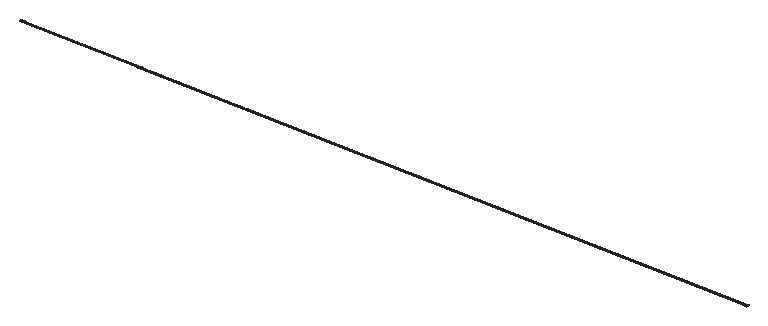
Revit family "0068173", category Lighting Fixtures, host Face, Revit 2017
Family settings
  Host = Face
  Round Connector Dimension = Use Diameter
  Part Type = Normal
  OmniClass Number = 23.80.70.00
  OmniClass Title = Lighting
  Cut with Voids When Loaded = No
  Light Source = Yes
  Shared = No
  Room Calculation Point = No
Parameters (values of type "0068173 FLEX PRO IP65 2300LM 940")
  Weight = "4.0 kg"
  Wattage Comments = ""
  Wattage = 24 W
  WarrantyStartDate [instance] = "n/a"
  WarrantyGuarantorParts = "n/a"
  WarrantyDurationUnit = "n/a"
  WarrantyDurationParts = "n/a"
  WarrantyDescription = "n/a"
  built-in parameter 1150110 = 1 (stored number, unit not read)
  Voltage = 0 V
  URL = "http://www.sylvania-lighting.com"
  TypeName = "Flex Pro IP65 2300lm 940"
  Type Image = <None>
  Type Comments = "n/a"
  built-in parameter 1114217 = 1 (stored number, unit not read)
  Tilt Angle = -90.00°
  built-in parameter 1150109 = 1 (stored number, unit not read)
  built-in parameter 1150134 = 12
  built-in parameter 1150113 = 1 (stored number, unit not read)
  SerialNumber [instance] = "n/a"
  Photometric Web File = "0068173.ies"
  PHOTOMETRY3_SYL = 0 mm
  PHOTOMETRY2_SYL = LUM_WIDTH_SYL  # 4 mm
  PHOTOMETRY1_SYL = LUM_LENGHT_SYL / 2  # 2505 mm
  Material_3_SYL = Default New Material(1)
  PowerFactor = 0
  PowerConsumption = "24 W"
  NominalLength = 5000 mm
  NominalHeight = 4 mm
  NominalDepth = 10 mm
  Name = "Flex Pro IP65 2300lm 940"
  ModelReference = Name  # "Flex Pro IP65 2300lm 940"
  ModelNumber = "0068173"
  Model = Name  # "Flex Pro IP65 2300lm 940"
  Material = "other housing"
  ManufacturerName = "Feilo Sylvania"
  Manufacturer = "Feilo Sylvania"
  LuminousEfficacy = "96 lm/W"
  built-in parameter 1150105 = 183.35 (stored number, unit not read)
  Lumens = 2304 lm
  LuminaireType = ""
  built-in parameter 1150115 = 1 (stored number, unit not read)
  LightOutputRatio = "n/a"
  built-in parameter 1150137 = (empty or 0)
  built-in parameter 1150139 = (empty or 0)
  LampsType = Lamp  # "LED"
  LampNominalLuminous = "2300 lm"
  LampMacAdamStep = "n/a"
  LampColourTemperature = "4000 K"
  LampColourRenderingIndex = "90"
  built-in parameter 1150112 = 1 (stored number, unit not read)
  built-in parameter 1150114 = 1 (stored number, unit not read)
  Lamp = "LED"
  LUM__CAP_SYL = 5 mm
  LUM_WIDTH_SYL = 4 mm
  LUM_PROT_SYL = 5 mm
  LUM_LENGHT_SYL!!!! = "(LUM_LENGHT_SYL-10), MUST BE DIVISIBLE WITH 100"
  LUM_LENGHT_SYL = 5010 mm  # constant formula
  LUM_CAD_W_SYL = 6 mm
  LED_DIST_SYL = 16.6 mm
  LED_DIST1_SYL = 10.6 mm
  LED_CH_S_WIDTH_SYL = 1.5 mm
  LED_CH_S_DEPTH_SYL = 1 mm
  LED_CH_L_WIDTH_SYL = 1.7 mm
  LED_CH_L_DEPTH_SYL = 1.4 mm
  LED_2_DIST_SYL = 33.2 mm
  Keynote = "16500"
  InstallationDate [instance] = "n/a"
  InputVoltage = "n/a"
  InputNominalFrequency = "n/a"
  built-in parameter 1150132 = (empty or 0)
  built-in parameter 1150102 = (empty or 0)
  built-in parameter 1150107 = 4000 (stored number, unit not read)
  built-in parameter 1150138 = (empty or 0)
  IngressProtection = "IP65"
  ImpactProtectionIndex = "IK00"
  built-in parameter 1150106 = 1.8335 (stored number, unit not read)
  IfcExportType = "IfcLightFixtureType"
  IfcExportAs = "IfcLightFixtureType"
  Emit from Circle Diameter = 609.6 mm
  Emit Shape Visible in Rendering = no
  ElectricShockClassification = "Class III"
  built-in parameter 1150104 = 8.9187 (stored number, unit not read)
  DocumentationLiterature = "http://www.sylvania-lighting.com/product/en-int/products/0068173"
  DimmingControlOptions = "n/a"
  Material_2_SYL = Default
  Dimming Lamp Color Temperature Shift = <None>
  Description = ""
  Default Elevation = 1219.2 mm
  CreatedOn = "10/16/2020"
  CreatedBy = "@sylvania-lighting.com"
  Cost = 0
  Color Filter = 16777215
  built-in parameter 1114216 [instance] = (empty or 0)
  ClassificationValue = "EF_70_80"
  ClassificationName = "Uniclass2015"
  Material_1_SYL = Default New Material
  CABLE_LENGHT_SYL = 995 mm
  CABLE_FIX_SYL = 1 mm
  CABLE_END_SYL = 15 mm
  CABLE_DIST_SYL = 1.5 mm
  CABLE_DIST2_SYL = 1.5 mm
  CABLE_BLEND_SYL = 10 mm
  BarCode [instance] = "n/a"
  built-in parameter 1114218 = 1 (stored number, unit not read)
  built-in parameter 1150133 = 10 (stored number, unit not read)
  AssetType = "Fixed"
  AssetIdentifier [instance] = "n/a"
  Assembly Code = "D5020200"
  Apparent Load = 24 VA
  Material_4_SYL = none
Reference planes
  plane 1 "Center (Front/Back)": y = 0
  plane 2: z = 0
  plane 3 "Center (Left/Right)": x = 0
  plane 4: x = 5010
  plane 5: y = 4
  plane 6: y = -4
  plane 7: x = -995
  plane 8: x = -10
  plane 9: x = -980
  plane 10: y = 1.5
  plane 11: y = -1.5
  plane 12: y = 2.5
  plane 13: y = -2.5
  plane 14: x = 10.6
  plane 15: x = 27.2
  plane 16: x = 43.8
  plane 17: x = 60.4
  plane 18: x = 77
  plane 19: x = 93.6
  plane 20: y = 1.7
  plane 21: y = -1.7
  plane 22: x = 12
  plane 23: x = 9.2
  plane 24: x = 28.6
  plane 25: x = 25.8
  plane 26: x = 45.2
  plane 27: x = 42.4
  plane 28: x = 59
  plane 29: x = 61.8
  plane 30: x = 75.6
  plane 31: x = 78.4
  plane 32: x = 95
  plane 33: x = 92.2
  plane 34: x = 18.9
  plane 35: x = 35.5
  plane 36: x = 68.7
  plane 37: x = 85.3
  plane 38: x = 19.9
  plane 39: x = 17.9
  plane 40: x = 34.5
  plane 41: x = 36.5
  plane 42: x = 69.7
  plane 43: x = 67.7
  plane 44: x = 84.3
  plane 45: x = 86.3
  plane 46: y = 1.5
  plane 47: y = -1.5
  plane 48: x = -5
  plane 49: x = 5015
  plane 50: x = 5
  plane 51: x = 5005
  plane 52: y = 6
  plane 53: y = -6
  plane 54: y = 5
  plane 55: y = -5
Forms (mm)
  Extrusion 1, solid, material "Default New Material" <- "Material_1_SYL"
    sketch origin (0, 0, 0) x (1, 0, 0) y (0, 1, 0)
      loop
        line (0, 4) -> (0, -4) -> (5010, -4) -> (5010, 4) -> (0, 4)
    from -0.9 to -1.2
  Sweep 2, solid, material "Default" <- "Material_2_SYL"
    path origin (0, 0, 0) x (1, 0, 0) y (0, 1, 0)
      loop
        line (-5, 1.5) -> (-980, 1.5)
    profile origin (-492.5, 1.5, 0) x (0, -1, 0) y (0, 0, 1)
      loop
        circle (0, 0) r 1.399
  Sweep 3, solid, material "Default" <- "Material_2_SYL"
    path origin (0, 0, 0) x (1, 0, 0) y (0, 1, 0)
      loop
        line (-5, -1.5) -> (-980, -1.5)
    profile origin (-492.5, -1.5, 0) x (0, -1, 0) y (0, 0, 1)
      loop
        circle (0, 0) r 1.353
  Revolve 4, solid
    sketch origin (0, 0, 0) x (1, 0, 0) y (0, 1, 0)
      loop
        line (-980, 1.5) -> (-980, 2.5) -> (-995, 2.5) -> (-995, 1.5) -> (-980, 1.5)
      axis (-980, 1.5) -> (-995, 1.5)
    angle from 360 to 0
  Revolve 5, solid
    sketch origin (0, 0, 0) x (1, 0, 0) y (0, 1, 0)
      loop
        line (-980, -1.5) -> (-995, -1.5) -> (-995, -2.5) -> (-980, -2.5) -> (-980, -1.5)
      axis (-980, -1.5) -> (-995, -1.5)
    angle from 360 to 0
  Extrusion 6, solid
    sketch origin (0, 0, 0) x (1, 0, 0) y (0, 1, 0)
      loop
        line (9.2, 1.7) -> (9.2, -1.7) -> (12, -1.7) -> (12, 1.7) -> (9.2, 1.7)
      loop
        line (25.8, 1.7) -> (25.8, -1.7) -> (28.6, -1.7) -> (28.6, 1.7) -> (25.8, 1.7)
      loop
        line (42.4, 1.7) -> (42.4, -1.7) -> (45.2, -1.7) -> (45.2, 1.7) -> (42.4, 1.7)
      loop
        line (59, 1.7) -> (59, -1.7) -> (61.8, -1.7) -> (61.8, 1.7) -> (59, 1.7)
      loop
        line (75.6, -1.7) -> (78.4, -1.7) -> (78.4, 1.7) -> (75.6, 1.7) -> (75.6, -1.7)
      loop
        line (92.2, 1.7) -> (92.2, -1.7) -> (95, -1.7) -> (95, 1.7) -> (92.2, 1.7)
    from 0 to -1.2
  Extrusion 7, solid
    sketch origin (4898, 0, 0) x (1, 0, 0) y (0, 1, 0)
      loop
        line (9.2, 1.7) -> (9.2, -1.7) -> (12, -1.7) -> (12, 1.7) -> (9.2, 1.7)
      loop
        line (25.8, 1.7) -> (25.8, -1.7) -> (28.6, -1.7) -> (28.6, 1.7) -> (25.8, 1.7)
      loop
        line (42.4, 1.7) -> (42.4, -1.7) -> (45.2, -1.7) -> (45.2, 1.7) -> (42.4, 1.7)
      loop
        line (59, 1.7) -> (59, -1.7) -> (61.8, -1.7) -> (61.8, 1.7) -> (59, 1.7)
      loop
        line (75.6, -1.7) -> (78.4, -1.7) -> (78.4, 1.7) -> (75.6, 1.7) -> (75.6, -1.7)
      loop
        line (92.2, 1.7) -> (92.2, -1.7) -> (95, -1.7) -> (95, 1.7) -> (92.2, 1.7)
    from 0 to -1.2
  Extrusion 8, solid
    sketch origin (99.959, 0, 0) x (1, 0, 0) y (0, 1, 0)
      loop
        line (9.2, 1.7) -> (9.2, -1.7) -> (12, -1.7) -> (12, 1.7) -> (9.2, 1.7)
      loop
        line (25.8, 1.7) -> (25.8, -1.7) -> (28.6, -1.7) -> (28.6, 1.7) -> (25.8, 1.7)
      loop
        line (42.4, 1.7) -> (42.4, -1.7) -> (45.2, -1.7) -> (45.2, 1.7) -> (42.4, 1.7)
      loop
        line (59, 1.7) -> (59, -1.7) -> (61.8, -1.7) -> (61.8, 1.7) -> (59, 1.7)
      loop
        line (75.6, -1.7) -> (78.4, -1.7) -> (78.4, 1.7) -> (75.6, 1.7) -> (75.6, -1.7)
      loop
        line (92.2, 1.7) -> (92.2, -1.7) -> (95, -1.7) -> (95, 1.7) -> (92.2, 1.7)
    from 0 to -1.2
  Extrusion 9, solid
    sketch origin (199.918, 0, 0) x (1, 0, 0) y (0, 1, 0)
      loop
        line (9.2, 1.7) -> (9.2, -1.7) -> (12, -1.7) -> (12, 1.7) -> (9.2, 1.7)
      loop
        line (25.8, 1.7) -> (25.8, -1.7) -> (28.6, -1.7) -> (28.6, 1.7) -> (25.8, 1.7)
      loop
        line (42.4, 1.7) -> (42.4, -1.7) -> (45.2, -1.7) -> (45.2, 1.7) -> (42.4, 1.7)
      loop
        line (59, 1.7) -> (59, -1.7) -> (61.8, -1.7) -> (61.8, 1.7) -> (59, 1.7)
      loop
        line (75.6, -1.7) -> (78.4, -1.7) -> (78.4, 1.7) -> (75.6, 1.7) -> (75.6, -1.7)
      loop
        line (92.2, 1.7) -> (92.2, -1.7) -> (95, -1.7) -> (95, 1.7) -> (92.2, 1.7)
    from 0 to -1.2
  Extrusion 10, solid
    sketch origin (299.878, 0, 0) x (1, 0, 0) y (0, 1, 0)
      loop
        line (9.2, 1.7) -> (9.2, -1.7) -> (12, -1.7) -> (12, 1.7) -> (9.2, 1.7)
      loop
        line (25.8, 1.7) -> (25.8, -1.7) -> (28.6, -1.7) -> (28.6, 1.7) -> (25.8, 1.7)
      loop
        line (42.4, 1.7) -> (42.4, -1.7) -> (45.2, -1.7) -> (45.2, 1.7) -> (42.4, 1.7)
      loop
        line (59, 1.7) -> (59, -1.7) -> (61.8, -1.7) -> (61.8, 1.7) -> (59, 1.7)
      loop
        line (75.6, -1.7) -> (78.4, -1.7) -> (78.4, 1.7) -> (75.6, 1.7) -> (75.6, -1.7)
      loop
        line (92.2, 1.7) -> (92.2, -1.7) -> (95, -1.7) -> (95, 1.7) -> (92.2, 1.7)
    from 0 to -1.2
  Extrusion 11, solid
    sketch origin (399.837, 0, 0) x (1, 0, 0) y (0, 1, 0)
      loop
        line (9.2, 1.7) -> (9.2, -1.7) -> (12, -1.7) -> (12, 1.7) -> (9.2, 1.7)
      loop
        line (25.8, 1.7) -> (25.8, -1.7) -> (28.6, -1.7) -> (28.6, 1.7) -> (25.8, 1.7)
      loop
        line (42.4, 1.7) -> (42.4, -1.7) -> (45.2, -1.7) -> (45.2, 1.7) -> (42.4, 1.7)
      loop
        line (59, 1.7) -> (59, -1.7) -> (61.8, -1.7) -> (61.8, 1.7) -> (59, 1.7)
      loop
        line (75.6, -1.7) -> (78.4, -1.7) -> (78.4, 1.7) -> (75.6, 1.7) -> (75.6, -1.7)
      loop
        line (92.2, 1.7) -> (92.2, -1.7) -> (95, -1.7) -> (95, 1.7) -> (92.2, 1.7)
    from 0 to -1.2
  Extrusion 12, solid
    sketch origin (499.796, 0, 0) x (1, 0, 0) y (0, 1, 0)
      loop
        line (9.2, 1.7) -> (9.2, -1.7) -> (12, -1.7) -> (12, 1.7) -> (9.2, 1.7)
      loop
        line (25.8, 1.7) -> (25.8, -1.7) -> (28.6, -1.7) -> (28.6, 1.7) -> (25.8, 1.7)
      loop
        line (42.4, 1.7) -> (42.4, -1.7) -> (45.2, -1.7) -> (45.2, 1.7) -> (42.4, 1.7)
      loop
        line (59, 1.7) -> (59, -1.7) -> (61.8, -1.7) -> (61.8, 1.7) -> (59, 1.7)
      loop
        line (75.6, -1.7) -> (78.4, -1.7) -> (78.4, 1.7) -> (75.6, 1.7) -> (75.6, -1.7)
      loop
        line (92.2, 1.7) -> (92.2, -1.7) -> (95, -1.7) -> (95, 1.7) -> (92.2, 1.7)
    from 0 to -1.2
  Extrusion 13, solid
    sketch origin (599.755, 0, 0) x (1, 0, 0) y (0, 1, 0)
      loop
        line (9.2, 1.7) -> (9.2, -1.7) -> (12, -1.7) -> (12, 1.7) -> (9.2, 1.7)
      loop
        line (25.8, 1.7) -> (25.8, -1.7) -> (28.6, -1.7) -> (28.6, 1.7) -> (25.8, 1.7)
      loop
        line (42.4, 1.7) -> (42.4, -1.7) -> (45.2, -1.7) -> (45.2, 1.7) -> (42.4, 1.7)
      loop
        line (59, 1.7) -> (59, -1.7) -> (61.8, -1.7) -> (61.8, 1.7) -> (59, 1.7)
      loop
        line (75.6, -1.7) -> (78.4, -1.7) -> (78.4, 1.7) -> (75.6, 1.7) -> (75.6, -1.7)
      loop
        line (92.2, 1.7) -> (92.2, -1.7) -> (95, -1.7) -> (95, 1.7) -> (92.2, 1.7)
    from 0 to -1.2
  Extrusion 14, solid
    sketch origin (699.714, 0, 0) x (1, 0, 0) y (0, 1, 0)
      loop
        line (9.2, 1.7) -> (9.2, -1.7) -> (12, -1.7) -> (12, 1.7) -> (9.2, 1.7)
      loop
        line (25.8, 1.7) -> (25.8, -1.7) -> (28.6, -1.7) -> (28.6, 1.7) -> (25.8, 1.7)
      loop
        line (42.4, 1.7) -> (42.4, -1.7) -> (45.2, -1.7) -> (45.2, 1.7) -> (42.4, 1.7)
      loop
        line (59, 1.7) -> (59, -1.7) -> (61.8, -1.7) -> (61.8, 1.7) -> (59, 1.7)
      loop
        line (75.6, -1.7) -> (78.4, -1.7) -> (78.4, 1.7) -> (75.6, 1.7) -> (75.6, -1.7)
      loop
        line (92.2, 1.7) -> (92.2, -1.7) -> (95, -1.7) -> (95, 1.7) -> (92.2, 1.7)
    from 0 to -1.2
  Extrusion 15, solid
    sketch origin (799.673, 0, 0) x (1, 0, 0) y (0, 1, 0)
      loop
        line (9.2, 1.7) -> (9.2, -1.7) -> (12, -1.7) -> (12, 1.7) -> (9.2, 1.7)
      loop
        line (25.8, 1.7) -> (25.8, -1.7) -> (28.6, -1.7) -> (28.6, 1.7) -> (25.8, 1.7)
      loop
        line (42.4, 1.7) -> (42.4, -1.7) -> (45.2, -1.7) -> (45.2, 1.7) -> (42.4, 1.7)
      loop
        line (59, 1.7) -> (59, -1.7) -> (61.8, -1.7) -> (61.8, 1.7) -> (59, 1.7)
      loop
        line (75.6, -1.7) -> (78.4, -1.7) -> (78.4, 1.7) -> (75.6, 1.7) -> (75.6, -1.7)
      loop
        line (92.2, 1.7) -> (92.2, -1.7) -> (95, -1.7) -> (95, 1.7) -> (92.2, 1.7)
    from 0 to -1.2
  Extrusion 16, solid
    sketch origin (899.633, 0, 0) x (1, 0, 0) y (0, 1, 0)
      loop
        line (9.2, 1.7) -> (9.2, -1.7) -> (12, -1.7) -> (12, 1.7) -> (9.2, 1.7)
      loop
        line (25.8, 1.7) -> (25.8, -1.7) -> (28.6, -1.7) -> (28.6, 1.7) -> (25.8, 1.7)
      loop
        line (42.4, 1.7) -> (42.4, -1.7) -> (45.2, -1.7) -> (45.2, 1.7) -> (42.4, 1.7)
      loop
        line (59, 1.7) -> (59, -1.7) -> (61.8, -1.7) -> (61.8, 1.7) -> (59, 1.7)
      loop
        line (75.6, -1.7) -> (78.4, -1.7) -> (78.4, 1.7) -> (75.6, 1.7) -> (75.6, -1.7)
      loop
        line (92.2, 1.7) -> (92.2, -1.7) -> (95, -1.7) -> (95, 1.7) -> (92.2, 1.7)
    from 0 to -1.2
  Extrusion 17, solid
    sketch origin (999.592, 0, 0) x (1, 0, 0) y (0, 1, 0)
      loop
        line (9.2, 1.7) -> (9.2, -1.7) -> (12, -1.7) -> (12, 1.7) -> (9.2, 1.7)
      loop
        line (25.8, 1.7) -> (25.8, -1.7) -> (28.6, -1.7) -> (28.6, 1.7) -> (25.8, 1.7)
      loop
        line (42.4, 1.7) -> (42.4, -1.7) -> (45.2, -1.7) -> (45.2, 1.7) -> (42.4, 1.7)
      loop
        line (59, 1.7) -> (59, -1.7) -> (61.8, -1.7) -> (61.8, 1.7) -> (59, 1.7)
      loop
        line (75.6, -1.7) -> (78.4, -1.7) -> (78.4, 1.7) -> (75.6, 1.7) -> (75.6, -1.7)
      loop
        line (92.2, 1.7) -> (92.2, -1.7) -> (95, -1.7) -> (95, 1.7) -> (92.2, 1.7)
    from 0 to -1.2
  Extrusion 18, solid
    sketch origin (1099.551, 0, 0) x (1, 0, 0) y (0, 1, 0)
      loop
        line (9.2, 1.7) -> (9.2, -1.7) -> (12, -1.7) -> (12, 1.7) -> (9.2, 1.7)
      loop
        line (25.8, 1.7) -> (25.8, -1.7) -> (28.6, -1.7) -> (28.6, 1.7) -> (25.8, 1.7)
      loop
        line (42.4, 1.7) -> (42.4, -1.7) -> (45.2, -1.7) -> (45.2, 1.7) -> (42.4, 1.7)
      loop
        line (59, 1.7) -> (59, -1.7) -> (61.8, -1.7) -> (61.8, 1.7) -> (59, 1.7)
      loop
        line (75.6, -1.7) -> (78.4, -1.7) -> (78.4, 1.7) -> (75.6, 1.7) -> (75.6, -1.7)
      loop
        line (92.2, 1.7) -> (92.2, -1.7) -> (95, -1.7) -> (95, 1.7) -> (92.2, 1.7)
    from 0 to -1.2
  Extrusion 19, solid
    sketch origin (1199.51, 0, 0) x (1, 0, 0) y (0, 1, 0)
      loop
        line (9.2, 1.7) -> (9.2, -1.7) -> (12, -1.7) -> (12, 1.7) -> (9.2, 1.7)
      loop
        line (25.8, 1.7) -> (25.8, -1.7) -> (28.6, -1.7) -> (28.6, 1.7) -> (25.8, 1.7)
      loop
        line (42.4, 1.7) -> (42.4, -1.7) -> (45.2, -1.7) -> (45.2, 1.7) -> (42.4, 1.7)
      loop
        line (59, 1.7) -> (59, -1.7) -> (61.8, -1.7) -> (61.8, 1.7) -> (59, 1.7)
      loop
        line (75.6, -1.7) -> (78.4, -1.7) -> (78.4, 1.7) -> (75.6, 1.7) -> (75.6, -1.7)
      loop
        line (92.2, 1.7) -> (92.2, -1.7) -> (95, -1.7) -> (95, 1.7) -> (92.2, 1.7)
    from 0 to -1.2
  Extrusion 20, solid
    sketch origin (1299.469, 0, 0) x (1, 0, 0) y (0, 1, 0)
      loop
        line (9.2, 1.7) -> (9.2, -1.7) -> (12, -1.7) -> (12, 1.7) -> (9.2, 1.7)
      loop
        line (25.8, 1.7) -> (25.8, -1.7) -> (28.6, -1.7) -> (28.6, 1.7) -> (25.8, 1.7)
      loop
        line (42.4, 1.7) -> (42.4, -1.7) -> (45.2, -1.7) -> (45.2, 1.7) -> (42.4, 1.7)
      loop
        line (59, 1.7) -> (59, -1.7) -> (61.8, -1.7) -> (61.8, 1.7) -> (59, 1.7)
      loop
        line (75.6, -1.7) -> (78.4, -1.7) -> (78.4, 1.7) -> (75.6, 1.7) -> (75.6, -1.7)
      loop
        line (92.2, 1.7) -> (92.2, -1.7) -> (95, -1.7) -> (95, 1.7) -> (92.2, 1.7)
    from 0 to -1.2
  Extrusion 21, solid
    sketch origin (1399.429, 0, 0) x (1, 0, 0) y (0, 1, 0)
      loop
        line (9.2, 1.7) -> (9.2, -1.7) -> (12, -1.7) -> (12, 1.7) -> (9.2, 1.7)
      loop
        line (25.8, 1.7) -> (25.8, -1.7) -> (28.6, -1.7) -> (28.6, 1.7) -> (25.8, 1.7)
      loop
        line (42.4, 1.7) -> (42.4, -1.7) -> (45.2, -1.7) -> (45.2, 1.7) -> (42.4, 1.7)
      loop
        line (59, 1.7) -> (59, -1.7) -> (61.8, -1.7) -> (61.8, 1.7) -> (59, 1.7)
      loop
        line (75.6, -1.7) -> (78.4, -1.7) -> (78.4, 1.7) -> (75.6, 1.7) -> (75.6, -1.7)
      loop
        line (92.2, 1.7) -> (92.2, -1.7) -> (95, -1.7) -> (95, 1.7) -> (92.2, 1.7)
    from 0 to -1.2
  Extrusion 22, solid
    sketch origin (1499.388, 0, 0) x (1, 0, 0) y (0, 1, 0)
      loop
        line (9.2, 1.7) -> (9.2, -1.7) -> (12, -1.7) -> (12, 1.7) -> (9.2, 1.7)
      loop
        line (25.8, 1.7) -> (25.8, -1.7) -> (28.6, -1.7) -> (28.6, 1.7) -> (25.8, 1.7)
      loop
        line (42.4, 1.7) -> (42.4, -1.7) -> (45.2, -1.7) -> (45.2, 1.7) -> (42.4, 1.7)
      loop
        line (59, 1.7) -> (59, -1.7) -> (61.8, -1.7) -> (61.8, 1.7) -> (59, 1.7)
      loop
        line (75.6, -1.7) -> (78.4, -1.7) -> (78.4, 1.7) -> (75.6, 1.7) -> (75.6, -1.7)
      loop
        line (92.2, 1.7) -> (92.2, -1.7) -> (95, -1.7) -> (95, 1.7) -> (92.2, 1.7)
    from 0 to -1.2
  Extrusion 23, solid
    sketch origin (1599.347, 0, 0) x (1, 0, 0) y (0, 1, 0)
      loop
        line (9.2, 1.7) -> (9.2, -1.7) -> (12, -1.7) -> (12, 1.7) -> (9.2, 1.7)
      loop
        line (25.8, 1.7) -> (25.8, -1.7) -> (28.6, -1.7) -> (28.6, 1.7) -> (25.8, 1.7)
      loop
        line (42.4, 1.7) -> (42.4, -1.7) -> (45.2, -1.7) -> (45.2, 1.7) -> (42.4, 1.7)
      loop
        line (59, 1.7) -> (59, -1.7) -> (61.8, -1.7) -> (61.8, 1.7) -> (59, 1.7)
      loop
        line (75.6, -1.7) -> (78.4, -1.7) -> (78.4, 1.7) -> (75.6, 1.7) -> (75.6, -1.7)
      loop
        line (92.2, 1.7) -> (92.2, -1.7) -> (95, -1.7) -> (95, 1.7) -> (92.2, 1.7)
    from 0 to -1.2
  Extrusion 24, solid
    sketch origin (1699.306, 0, 0) x (1, 0, 0) y (0, 1, 0)
      loop
        line (9.2, 1.7) -> (9.2, -1.7) -> (12, -1.7) -> (12, 1.7) -> (9.2, 1.7)
      loop
        line (25.8, 1.7) -> (25.8, -1.7) -> (28.6, -1.7) -> (28.6, 1.7) -> (25.8, 1.7)
      loop
        line (42.4, 1.7) -> (42.4, -1.7) -> (45.2, -1.7) -> (45.2, 1.7) -> (42.4, 1.7)
      loop
        line (59, 1.7) -> (59, -1.7) -> (61.8, -1.7) -> (61.8, 1.7) -> (59, 1.7)
      loop
        line (75.6, -1.7) -> (78.4, -1.7) -> (78.4, 1.7) -> (75.6, 1.7) -> (75.6, -1.7)
      loop
        line (92.2, 1.7) -> (92.2, -1.7) -> (95, -1.7) -> (95, 1.7) -> (92.2, 1.7)
    from 0 to -1.2
  Extrusion 25, solid
    sketch origin (1799.265, 0, 0) x (1, 0, 0) y (0, 1, 0)
      loop
        line (9.2, 1.7) -> (9.2, -1.7) -> (12, -1.7) -> (12, 1.7) -> (9.2, 1.7)
      loop
        line (25.8, 1.7) -> (25.8, -1.7) -> (28.6, -1.7) -> (28.6, 1.7) -> (25.8, 1.7)
      loop
        line (42.4, 1.7) -> (42.4, -1.7) -> (45.2, -1.7) -> (45.2, 1.7) -> (42.4, 1.7)
      loop
        line (59, 1.7) -> (59, -1.7) -> (61.8, -1.7) -> (61.8, 1.7) -> (59, 1.7)
      loop
        line (75.6, -1.7) -> (78.4, -1.7) -> (78.4, 1.7) -> (75.6, 1.7) -> (75.6, -1.7)
      loop
        line (92.2, 1.7) -> (92.2, -1.7) -> (95, -1.7) -> (95, 1.7) -> (92.2, 1.7)
    from 0 to -1.2
  Extrusion 26, solid
    sketch origin (1899.224, 0, 0) x (1, 0, 0) y (0, 1, 0)
      loop
        line (9.2, 1.7) -> (9.2, -1.7) -> (12, -1.7) -> (12, 1.7) -> (9.2, 1.7)
      loop
        line (25.8, 1.7) -> (25.8, -1.7) -> (28.6, -1.7) -> (28.6, 1.7) -> (25.8, 1.7)
      loop
        line (42.4, 1.7) -> (42.4, -1.7) -> (45.2, -1.7) -> (45.2, 1.7) -> (42.4, 1.7)
      loop
        line (59, 1.7) -> (59, -1.7) -> (61.8, -1.7) -> (61.8, 1.7) -> (59, 1.7)
      loop
        line (75.6, -1.7) -> (78.4, -1.7) -> (78.4, 1.7) -> (75.6, 1.7) -> (75.6, -1.7)
      loop
        line (92.2, 1.7) -> (92.2, -1.7) -> (95, -1.7) -> (95, 1.7) -> (92.2, 1.7)
    from 0 to -1.2
  Extrusion 27, solid
    sketch origin (1999.184, 0, 0) x (1, 0, 0) y (0, 1, 0)
      loop
        line (9.2, 1.7) -> (9.2, -1.7) -> (12, -1.7) -> (12, 1.7) -> (9.2, 1.7)
      loop
        line (25.8, 1.7) -> (25.8, -1.7) -> (28.6, -1.7) -> (28.6, 1.7) -> (25.8, 1.7)
      loop
        line (42.4, 1.7) -> (42.4, -1.7) -> (45.2, -1.7) -> (45.2, 1.7) -> (42.4, 1.7)
      loop
        line (59, 1.7) -> (59, -1.7) -> (61.8, -1.7) -> (61.8, 1.7) -> (59, 1.7)
      loop
        line (75.6, -1.7) -> (78.4, -1.7) -> (78.4, 1.7) -> (75.6, 1.7) -> (75.6, -1.7)
      loop
        line (92.2, 1.7) -> (92.2, -1.7) -> (95, -1.7) -> (95, 1.7) -> (92.2, 1.7)
    from 0 to -1.2
  Extrusion 28, solid
    sketch origin (2099.143, 0, 0) x (1, 0, 0) y (0, 1, 0)
      loop
        line (9.2, 1.7) -> (9.2, -1.7) -> (12, -1.7) -> (12, 1.7) -> (9.2, 1.7)
      loop
        line (25.8, 1.7) -> (25.8, -1.7) -> (28.6, -1.7) -> (28.6, 1.7) -> (25.8, 1.7)
      loop
        line (42.4, 1.7) -> (42.4, -1.7) -> (45.2, -1.7) -> (45.2, 1.7) -> (42.4, 1.7)
      loop
        line (59, 1.7) -> (59, -1.7) -> (61.8, -1.7) -> (61.8, 1.7) -> (59, 1.7)
      loop
        line (75.6, -1.7) -> (78.4, -1.7) -> (78.4, 1.7) -> (75.6, 1.7) -> (75.6, -1.7)
      loop
        line (92.2, 1.7) -> (92.2, -1.7) -> (95, -1.7) -> (95, 1.7) -> (92.2, 1.7)
    from 0 to -1.2
  Extrusion 29, solid
    sketch origin (2199.102, 0, 0) x (1, 0, 0) y (0, 1, 0)
      loop
        line (9.2, 1.7) -> (9.2, -1.7) -> (12, -1.7) -> (12, 1.7) -> (9.2, 1.7)
      loop
        line (25.8, 1.7) -> (25.8, -1.7) -> (28.6, -1.7) -> (28.6, 1.7) -> (25.8, 1.7)
      loop
        line (42.4, 1.7) -> (42.4, -1.7) -> (45.2, -1.7) -> (45.2, 1.7) -> (42.4, 1.7)
      loop
        line (59, 1.7) -> (59, -1.7) -> (61.8, -1.7) -> (61.8, 1.7) -> (59, 1.7)
      loop
        line (75.6, -1.7) -> (78.4, -1.7) -> (78.4, 1.7) -> (75.6, 1.7) -> (75.6, -1.7)
      loop
        line (92.2, 1.7) -> (92.2, -1.7) -> (95, -1.7) -> (95, 1.7) -> (92.2, 1.7)
    from 0 to -1.2
  Extrusion 30, solid
    sketch origin (2299.061, 0, 0) x (1, 0, 0) y (0, 1, 0)
      loop
        line (9.2, 1.7) -> (9.2, -1.7) -> (12, -1.7) -> (12, 1.7) -> (9.2, 1.7)
      loop
        line (25.8, 1.7) -> (25.8, -1.7) -> (28.6, -1.7) -> (28.6, 1.7) -> (25.8, 1.7)
      loop
        line (42.4, 1.7) -> (42.4, -1.7) -> (45.2, -1.7) -> (45.2, 1.7) -> (42.4, 1.7)
      loop
        line (59, 1.7) -> (59, -1.7) -> (61.8, -1.7) -> (61.8, 1.7) -> (59, 1.7)
      loop
        line (75.6, -1.7) -> (78.4, -1.7) -> (78.4, 1.7) -> (75.6, 1.7) -> (75.6, -1.7)
      loop
        line (92.2, 1.7) -> (92.2, -1.7) -> (95, -1.7) -> (95, 1.7) -> (92.2, 1.7)
    from 0 to -1.2
  Extrusion 31, solid
    sketch origin (2399.02, 0, 0) x (1, 0, 0) y (0, 1, 0)
      loop
        line (9.2, 1.7) -> (9.2, -1.7) -> (12, -1.7) -> (12, 1.7) -> (9.2, 1.7)
      loop
        line (25.8, 1.7) -> (25.8, -1.7) -> (28.6, -1.7) -> (28.6, 1.7) -> (25.8, 1.7)
      loop
        line (42.4, 1.7) -> (42.4, -1.7) -> (45.2, -1.7) -> (45.2, 1.7) -> (42.4, 1.7)
      loop
        line (59, 1.7) -> (59, -1.7) -> (61.8, -1.7) -> (61.8, 1.7) -> (59, 1.7)
      loop
        line (75.6, -1.7) -> (78.4, -1.7) -> (78.4, 1.7) -> (75.6, 1.7) -> (75.6, -1.7)
      loop
        line (92.2, 1.7) -> (92.2, -1.7) -> (95, -1.7) -> (95, 1.7) -> (92.2, 1.7)
    from 0 to -1.2
  Extrusion 32, solid
    sketch origin (2498.98, 0, 0) x (1, 0, 0) y (0, 1, 0)
      loop
        line (9.2, 1.7) -> (9.2, -1.7) -> (12, -1.7) -> (12, 1.7) -> (9.2, 1.7)
      loop
        line (25.8, 1.7) -> (25.8, -1.7) -> (28.6, -1.7) -> (28.6, 1.7) -> (25.8, 1.7)
      loop
        line (42.4, 1.7) -> (42.4, -1.7) -> (45.2, -1.7) -> (45.2, 1.7) -> (42.4, 1.7)
      loop
        line (59, 1.7) -> (59, -1.7) -> (61.8, -1.7) -> (61.8, 1.7) -> (59, 1.7)
      loop
        line (75.6, -1.7) -> (78.4, -1.7) -> (78.4, 1.7) -> (75.6, 1.7) -> (75.6, -1.7)
      loop
        line (92.2, 1.7) -> (92.2, -1.7) -> (95, -1.7) -> (95, 1.7) -> (92.2, 1.7)
    from 0 to -1.2
  Extrusion 33, solid
    sketch origin (2598.939, 0, 0) x (1, 0, 0) y (0, 1, 0)
      loop
        line (9.2, 1.7) -> (9.2, -1.7) -> (12, -1.7) -> (12, 1.7) -> (9.2, 1.7)
      loop
        line (25.8, 1.7) -> (25.8, -1.7) -> (28.6, -1.7) -> (28.6, 1.7) -> (25.8, 1.7)
      loop
        line (42.4, 1.7) -> (42.4, -1.7) -> (45.2, -1.7) -> (45.2, 1.7) -> (42.4, 1.7)
      loop
        line (59, 1.7) -> (59, -1.7) -> (61.8, -1.7) -> (61.8, 1.7) -> (59, 1.7)
      loop
        line (75.6, -1.7) -> (78.4, -1.7) -> (78.4, 1.7) -> (75.6, 1.7) -> (75.6, -1.7)
      loop
        line (92.2, 1.7) -> (92.2, -1.7) -> (95, -1.7) -> (95, 1.7) -> (92.2, 1.7)
    from 0 to -1.2
  Extrusion 34, solid
    sketch origin (2698.898, 0, 0) x (1, 0, 0) y (0, 1, 0)
      loop
        line (9.2, 1.7) -> (9.2, -1.7) -> (12, -1.7) -> (12, 1.7) -> (9.2, 1.7)
      loop
        line (25.8, 1.7) -> (25.8, -1.7) -> (28.6, -1.7) -> (28.6, 1.7) -> (25.8, 1.7)
      loop
        line (42.4, 1.7) -> (42.4, -1.7) -> (45.2, -1.7) -> (45.2, 1.7) -> (42.4, 1.7)
      loop
        line (59, 1.7) -> (59, -1.7) -> (61.8, -1.7) -> (61.8, 1.7) -> (59, 1.7)
      loop
        line (75.6, -1.7) -> (78.4, -1.7) -> (78.4, 1.7) -> (75.6, 1.7) -> (75.6, -1.7)
      loop
        line (92.2, 1.7) -> (92.2, -1.7) -> (95, -1.7) -> (95, 1.7) -> (92.2, 1.7)
    from 0 to -1.2
  Extrusion 35, solid
    sketch origin (2798.857, 0, 0) x (1, 0, 0) y (0, 1, 0)
      loop
        line (9.2, 1.7) -> (9.2, -1.7) -> (12, -1.7) -> (12, 1.7) -> (9.2, 1.7)
      loop
        line (25.8, 1.7) -> (25.8, -1.7) -> (28.6, -1.7) -> (28.6, 1.7) -> (25.8, 1.7)
      loop
        line (42.4, 1.7) -> (42.4, -1.7) -> (45.2, -1.7) -> (45.2, 1.7) -> (42.4, 1.7)
      loop
        line (59, 1.7) -> (59, -1.7) -> (61.8, -1.7) -> (61.8, 1.7) -> (59, 1.7)
      loop
        line (75.6, -1.7) -> (78.4, -1.7) -> (78.4, 1.7) -> (75.6, 1.7) -> (75.6, -1.7)
      loop
        line (92.2, 1.7) -> (92.2, -1.7) -> (95, -1.7) -> (95, 1.7) -> (92.2, 1.7)
    from 0 to -1.2
  Extrusion 36, solid
    sketch origin (2898.816, 0, 0) x (1, 0, 0) y (0, 1, 0)
      loop
        line (9.2, 1.7) -> (9.2, -1.7) -> (12, -1.7) -> (12, 1.7) -> (9.2, 1.7)
      loop
        line (25.8, 1.7) -> (25.8, -1.7) -> (28.6, -1.7) -> (28.6, 1.7) -> (25.8, 1.7)
      loop
        line (42.4, 1.7) -> (42.4, -1.7) -> (45.2, -1.7) -> (45.2, 1.7) -> (42.4, 1.7)
      loop
        line (59, 1.7) -> (59, -1.7) -> (61.8, -1.7) -> (61.8, 1.7) -> (59, 1.7)
      loop
        line (75.6, -1.7) -> (78.4, -1.7) -> (78.4, 1.7) -> (75.6, 1.7) -> (75.6, -1.7)
      loop
        line (92.2, 1.7) -> (92.2, -1.7) -> (95, -1.7) -> (95, 1.7) -> (92.2, 1.7)
    from 0 to -1.2
  Extrusion 37, solid
    sketch origin (2998.776, 0, 0) x (1, 0, 0) y (0, 1, 0)
      loop
        line (9.2, 1.7) -> (9.2, -1.7) -> (12, -1.7) -> (12, 1.7) -> (9.2, 1.7)
      loop
        line (25.8, 1.7) -> (25.8, -1.7) -> (28.6, -1.7) -> (28.6, 1.7) -> (25.8, 1.7)
      loop
        line (42.4, 1.7) -> (42.4, -1.7) -> (45.2, -1.7) -> (45.2, 1.7) -> (42.4, 1.7)
      loop
        line (59, 1.7) -> (59, -1.7) -> (61.8, -1.7) -> (61.8, 1.7) -> (59, 1.7)
      loop
        line (75.6, -1.7) -> (78.4, -1.7) -> (78.4, 1.7) -> (75.6, 1.7) -> (75.6, -1.7)
      loop
        line (92.2, 1.7) -> (92.2, -1.7) -> (95, -1.7) -> (95, 1.7) -> (92.2, 1.7)
    from 0 to -1.2
  Extrusion 38, solid
    sketch origin (3098.735, 0, 0) x (1, 0, 0) y (0, 1, 0)
      loop
        line (9.2, 1.7) -> (9.2, -1.7) -> (12, -1.7) -> (12, 1.7) -> (9.2, 1.7)
      loop
        line (25.8, 1.7) -> (25.8, -1.7) -> (28.6, -1.7) -> (28.6, 1.7) -> (25.8, 1.7)
      loop
        line (42.4, 1.7) -> (42.4, -1.7) -> (45.2, -1.7) -> (45.2, 1.7) -> (42.4, 1.7)
      loop
        line (59, 1.7) -> (59, -1.7) -> (61.8, -1.7) -> (61.8, 1.7) -> (59, 1.7)
      loop
        line (75.6, -1.7) -> (78.4, -1.7) -> (78.4, 1.7) -> (75.6, 1.7) -> (75.6, -1.7)
      loop
        line (92.2, 1.7) -> (92.2, -1.7) -> (95, -1.7) -> (95, 1.7) -> (92.2, 1.7)
    from 0 to -1.2
  Extrusion 39, solid
    sketch origin (3198.694, 0, 0) x (1, 0, 0) y (0, 1, 0)
      loop
        line (9.2, 1.7) -> (9.2, -1.7) -> (12, -1.7) -> (12, 1.7) -> (9.2, 1.7)
      loop
        line (25.8, 1.7) -> (25.8, -1.7) -> (28.6, -1.7) -> (28.6, 1.7) -> (25.8, 1.7)
      loop
        line (42.4, 1.7) -> (42.4, -1.7) -> (45.2, -1.7) -> (45.2, 1.7) -> (42.4, 1.7)
      loop
        line (59, 1.7) -> (59, -1.7) -> (61.8, -1.7) -> (61.8, 1.7) -> (59, 1.7)
      loop
        line (75.6, -1.7) -> (78.4, -1.7) -> (78.4, 1.7) -> (75.6, 1.7) -> (75.6, -1.7)
      loop
        line (92.2, 1.7) -> (92.2, -1.7) -> (95, -1.7) -> (95, 1.7) -> (92.2, 1.7)
    from 0 to -1.2
  Extrusion 40, solid
    sketch origin (3298.653, 0, 0) x (1, 0, 0) y (0, 1, 0)
      loop
        line (9.2, 1.7) -> (9.2, -1.7) -> (12, -1.7) -> (12, 1.7) -> (9.2, 1.7)
      loop
        line (25.8, 1.7) -> (25.8, -1.7) -> (28.6, -1.7) -> (28.6, 1.7) -> (25.8, 1.7)
      loop
        line (42.4, 1.7) -> (42.4, -1.7) -> (45.2, -1.7) -> (45.2, 1.7) -> (42.4, 1.7)
      loop
        line (59, 1.7) -> (59, -1.7) -> (61.8, -1.7) -> (61.8, 1.7) -> (59, 1.7)
      loop
        line (75.6, -1.7) -> (78.4, -1.7) -> (78.4, 1.7) -> (75.6, 1.7) -> (75.6, -1.7)
      loop
        line (92.2, 1.7) -> (92.2, -1.7) -> (95, -1.7) -> (95, 1.7) -> (92.2, 1.7)
    from 0 to -1.2
  Extrusion 41, solid
    sketch origin (3398.612, 0, 0) x (1, 0, 0) y (0, 1, 0)
      loop
        line (9.2, 1.7) -> (9.2, -1.7) -> (12, -1.7) -> (12, 1.7) -> (9.2, 1.7)
      loop
        line (25.8, 1.7) -> (25.8, -1.7) -> (28.6, -1.7) -> (28.6, 1.7) -> (25.8, 1.7)
      loop
        line (42.4, 1.7) -> (42.4, -1.7) -> (45.2, -1.7) -> (45.2, 1.7) -> (42.4, 1.7)
      loop
        line (59, 1.7) -> (59, -1.7) -> (61.8, -1.7) -> (61.8, 1.7) -> (59, 1.7)
      loop
        line (75.6, -1.7) -> (78.4, -1.7) -> (78.4, 1.7) -> (75.6, 1.7) -> (75.6, -1.7)
      loop
        line (92.2, 1.7) -> (92.2, -1.7) -> (95, -1.7) -> (95, 1.7) -> (92.2, 1.7)
    from 0 to -1.2
  Extrusion 42, solid
    sketch origin (3498.571, 0, 0) x (1, 0, 0) y (0, 1, 0)
      loop
        line (9.2, 1.7) -> (9.2, -1.7) -> (12, -1.7) -> (12, 1.7) -> (9.2, 1.7)
      loop
        line (25.8, 1.7) -> (25.8, -1.7) -> (28.6, -1.7) -> (28.6, 1.7) -> (25.8, 1.7)
      loop
        line (42.4, 1.7) -> (42.4, -1.7) -> (45.2, -1.7) -> (45.2, 1.7) -> (42.4, 1.7)
      loop
        line (59, 1.7) -> (59, -1.7) -> (61.8, -1.7) -> (61.8, 1.7) -> (59, 1.7)
      loop
        line (75.6, -1.7) -> (78.4, -1.7) -> (78.4, 1.7) -> (75.6, 1.7) -> (75.6, -1.7)
      loop
        line (92.2, 1.7) -> (92.2, -1.7) -> (95, -1.7) -> (95, 1.7) -> (92.2, 1.7)
    from 0 to -1.2
  Extrusion 43, solid
    sketch origin (3598.531, 0, 0) x (1, 0, 0) y (0, 1, 0)
      loop
        line (9.2, 1.7) -> (9.2, -1.7) -> (12, -1.7) -> (12, 1.7) -> (9.2, 1.7)
      loop
        line (25.8, 1.7) -> (25.8, -1.7) -> (28.6, -1.7) -> (28.6, 1.7) -> (25.8, 1.7)
      loop
        line (42.4, 1.7) -> (42.4, -1.7) -> (45.2, -1.7) -> (45.2, 1.7) -> (42.4, 1.7)
      loop
        line (59, 1.7) -> (59, -1.7) -> (61.8, -1.7) -> (61.8, 1.7) -> (59, 1.7)
      loop
        line (75.6, -1.7) -> (78.4, -1.7) -> (78.4, 1.7) -> (75.6, 1.7) -> (75.6, -1.7)
      loop
        line (92.2, 1.7) -> (92.2, -1.7) -> (95, -1.7) -> (95, 1.7) -> (92.2, 1.7)
    from 0 to -1.2
  Extrusion 44, solid
    sketch origin (3698.49, 0, 0) x (1, 0, 0) y (0, 1, 0)
      loop
        line (9.2, 1.7) -> (9.2, -1.7) -> (12, -1.7) -> (12, 1.7) -> (9.2, 1.7)
      loop
        line (25.8, 1.7) -> (25.8, -1.7) -> (28.6, -1.7) -> (28.6, 1.7) -> (25.8, 1.7)
      loop
        line (42.4, 1.7) -> (42.4, -1.7) -> (45.2, -1.7) -> (45.2, 1.7) -> (42.4, 1.7)
      loop
        line (59, 1.7) -> (59, -1.7) -> (61.8, -1.7) -> (61.8, 1.7) -> (59, 1.7)
      loop
        line (75.6, -1.7) -> (78.4, -1.7) -> (78.4, 1.7) -> (75.6, 1.7) -> (75.6, -1.7)
      loop
        line (92.2, 1.7) -> (92.2, -1.7) -> (95, -1.7) -> (95, 1.7) -> (92.2, 1.7)
    from 0 to -1.2
  Extrusion 45, solid
    sketch origin (3798.449, 0, 0) x (1, 0, 0) y (0, 1, 0)
      loop
        line (9.2, 1.7) -> (9.2, -1.7) -> (12, -1.7) -> (12, 1.7) -> (9.2, 1.7)
      loop
        line (25.8, 1.7) -> (25.8, -1.7) -> (28.6, -1.7) -> (28.6, 1.7) -> (25.8, 1.7)
      loop
        line (42.4, 1.7) -> (42.4, -1.7) -> (45.2, -1.7) -> (45.2, 1.7) -> (42.4, 1.7)
      loop
        line (59, 1.7) -> (59, -1.7) -> (61.8, -1.7) -> (61.8, 1.7) -> (59, 1.7)
      loop
        line (75.6, -1.7) -> (78.4, -1.7) -> (78.4, 1.7) -> (75.6, 1.7) -> (75.6, -1.7)
      loop
        line (92.2, 1.7) -> (92.2, -1.7) -> (95, -1.7) -> (95, 1.7) -> (92.2, 1.7)
    from 0 to -1.2
  Extrusion 46, solid
    sketch origin (3898.408, 0, 0) x (1, 0, 0) y (0, 1, 0)
      loop
        line (9.2, 1.7) -> (9.2, -1.7) -> (12, -1.7) -> (12, 1.7) -> (9.2, 1.7)
      loop
        line (25.8, 1.7) -> (25.8, -1.7) -> (28.6, -1.7) -> (28.6, 1.7) -> (25.8, 1.7)
      loop
        line (42.4, 1.7) -> (42.4, -1.7) -> (45.2, -1.7) -> (45.2, 1.7) -> (42.4, 1.7)
      loop
        line (59, 1.7) -> (59, -1.7) -> (61.8, -1.7) -> (61.8, 1.7) -> (59, 1.7)
      loop
        line (75.6, -1.7) -> (78.4, -1.7) -> (78.4, 1.7) -> (75.6, 1.7) -> (75.6, -1.7)
      loop
        line (92.2, 1.7) -> (92.2, -1.7) -> (95, -1.7) -> (95, 1.7) -> (92.2, 1.7)
    from 0 to -1.2
  Extrusion 47, solid
    sketch origin (3998.367, 0, 0) x (1, 0, 0) y (0, 1, 0)
      loop
        line (9.2, 1.7) -> (9.2, -1.7) -> (12, -1.7) -> (12, 1.7) -> (9.2, 1.7)
      loop
        line (25.8, 1.7) -> (25.8, -1.7) -> (28.6, -1.7) -> (28.6, 1.7) -> (25.8, 1.7)
      loop
        line (42.4, 1.7) -> (42.4, -1.7) -> (45.2, -1.7) -> (45.2, 1.7) -> (42.4, 1.7)
      loop
        line (59, 1.7) -> (59, -1.7) -> (61.8, -1.7) -> (61.8, 1.7) -> (59, 1.7)
      loop
        line (75.6, -1.7) -> (78.4, -1.7) -> (78.4, 1.7) -> (75.6, 1.7) -> (75.6, -1.7)
      loop
        line (92.2, 1.7) -> (92.2, -1.7) -> (95, -1.7) -> (95, 1.7) -> (92.2, 1.7)
    from 0 to -1.2
  Extrusion 48, solid
    sketch origin (4098.327, 0, 0) x (1, 0, 0) y (0, 1, 0)
      loop
        line (9.2, 1.7) -> (9.2, -1.7) -> (12, -1.7) -> (12, 1.7) -> (9.2, 1.7)
      loop
        line (25.8, 1.7) -> (25.8, -1.7) -> (28.6, -1.7) -> (28.6, 1.7) -> (25.8, 1.7)
      loop
        line (42.4, 1.7) -> (42.4, -1.7) -> (45.2, -1.7) -> (45.2, 1.7) -> (42.4, 1.7)
      loop
        line (59, 1.7) -> (59, -1.7) -> (61.8, -1.7) -> (61.8, 1.7) -> (59, 1.7)
      loop
        line (75.6, -1.7) -> (78.4, -1.7) -> (78.4, 1.7) -> (75.6, 1.7) -> (75.6, -1.7)
      loop
        line (92.2, 1.7) -> (92.2, -1.7) -> (95, -1.7) -> (95, 1.7) -> (92.2, 1.7)
    from 0 to -1.2
  Extrusion 49, solid
    sketch origin (4198.286, 0, 0) x (1, 0, 0) y (0, 1, 0)
      loop
        line (9.2, 1.7) -> (9.2, -1.7) -> (12, -1.7) -> (12, 1.7) -> (9.2, 1.7)
      loop
        line (25.8, 1.7) -> (25.8, -1.7) -> (28.6, -1.7) -> (28.6, 1.7) -> (25.8, 1.7)
      loop
        line (42.4, 1.7) -> (42.4, -1.7) -> (45.2, -1.7) -> (45.2, 1.7) -> (42.4, 1.7)
      loop
        line (59, 1.7) -> (59, -1.7) -> (61.8, -1.7) -> (61.8, 1.7) -> (59, 1.7)
      loop
        line (75.6, -1.7) -> (78.4, -1.7) -> (78.4, 1.7) -> (75.6, 1.7) -> (75.6, -1.7)
      loop
        line (92.2, 1.7) -> (92.2, -1.7) -> (95, -1.7) -> (95, 1.7) -> (92.2, 1.7)
    from 0 to -1.2
  Extrusion 50, solid
    sketch origin (4298.245, 0, 0) x (1, 0, 0) y (0, 1, 0)
      loop
        line (9.2, 1.7) -> (9.2, -1.7) -> (12, -1.7) -> (12, 1.7) -> (9.2, 1.7)
      loop
        line (25.8, 1.7) -> (25.8, -1.7) -> (28.6, -1.7) -> (28.6, 1.7) -> (25.8, 1.7)
      loop
        line (42.4, 1.7) -> (42.4, -1.7) -> (45.2, -1.7) -> (45.2, 1.7) -> (42.4, 1.7)
      loop
        line (59, 1.7) -> (59, -1.7) -> (61.8, -1.7) -> (61.8, 1.7) -> (59, 1.7)
      loop
        line (75.6, -1.7) -> (78.4, -1.7) -> (78.4, 1.7) -> (75.6, 1.7) -> (75.6, -1.7)
      loop
        line (92.2, 1.7) -> (92.2, -1.7) -> (95, -1.7) -> (95, 1.7) -> (92.2, 1.7)
    from 0 to -1.2
  Extrusion 51, solid
    sketch origin (4398.204, 0, 0) x (1, 0, 0) y (0, 1, 0)
      loop
        line (9.2, 1.7) -> (9.2, -1.7) -> (12, -1.7) -> (12, 1.7) -> (9.2, 1.7)
      loop
        line (25.8, 1.7) -> (25.8, -1.7) -> (28.6, -1.7) -> (28.6, 1.7) -> (25.8, 1.7)
      loop
        line (42.4, 1.7) -> (42.4, -1.7) -> (45.2, -1.7) -> (45.2, 1.7) -> (42.4, 1.7)
      loop
        line (59, 1.7) -> (59, -1.7) -> (61.8, -1.7) -> (61.8, 1.7) -> (59, 1.7)
      loop
        line (75.6, -1.7) -> (78.4, -1.7) -> (78.4, 1.7) -> (75.6, 1.7) -> (75.6, -1.7)
      loop
        line (92.2, 1.7) -> (92.2, -1.7) -> (95, -1.7) -> (95, 1.7) -> (92.2, 1.7)
    from 0 to -1.2
  Extrusion 52, solid
    sketch origin (4498.163, 0, 0) x (1, 0, 0) y (0, 1, 0)
      loop
        line (9.2, 1.7) -> (9.2, -1.7) -> (12, -1.7) -> (12, 1.7) -> (9.2, 1.7)
      loop
        line (25.8, 1.7) -> (25.8, -1.7) -> (28.6, -1.7) -> (28.6, 1.7) -> (25.8, 1.7)
      loop
        line (42.4, 1.7) -> (42.4, -1.7) -> (45.2, -1.7) -> (45.2, 1.7) -> (42.4, 1.7)
      loop
        line (59, 1.7) -> (59, -1.7) -> (61.8, -1.7) -> (61.8, 1.7) -> (59, 1.7)
      loop
        line (75.6, -1.7) -> (78.4, -1.7) -> (78.4, 1.7) -> (75.6, 1.7) -> (75.6, -1.7)
      loop
        line (92.2, 1.7) -> (92.2, -1.7) -> (95, -1.7) -> (95, 1.7) -> (92.2, 1.7)
    from 0 to -1.2
  Extrusion 53, solid
    sketch origin (4598.122, 0, 0) x (1, 0, 0) y (0, 1, 0)
      loop
        line (9.2, 1.7) -> (9.2, -1.7) -> (12, -1.7) -> (12, 1.7) -> (9.2, 1.7)
      loop
        line (25.8, 1.7) -> (25.8, -1.7) -> (28.6, -1.7) -> (28.6, 1.7) -> (25.8, 1.7)
      loop
        line (42.4, 1.7) -> (42.4, -1.7) -> (45.2, -1.7) -> (45.2, 1.7) -> (42.4, 1.7)
      loop
        line (59, 1.7) -> (59, -1.7) -> (61.8, -1.7) -> (61.8, 1.7) -> (59, 1.7)
      loop
        line (75.6, -1.7) -> (78.4, -1.7) -> (78.4, 1.7) -> (75.6, 1.7) -> (75.6, -1.7)
      loop
        line (92.2, 1.7) -> (92.2, -1.7) -> (95, -1.7) -> (95, 1.7) -> (92.2, 1.7)
    from 0 to -1.2
  Extrusion 54, solid
    sketch origin (4698.082, 0, 0) x (1, 0, 0) y (0, 1, 0)
      loop
        line (9.2, 1.7) -> (9.2, -1.7) -> (12, -1.7) -> (12, 1.7) -> (9.2, 1.7)
      loop
        line (25.8, 1.7) -> (25.8, -1.7) -> (28.6, -1.7) -> (28.6, 1.7) -> (25.8, 1.7)
      loop
        line (42.4, 1.7) -> (42.4, -1.7) -> (45.2, -1.7) -> (45.2, 1.7) -> (42.4, 1.7)
      loop
        line (59, 1.7) -> (59, -1.7) -> (61.8, -1.7) -> (61.8, 1.7) -> (59, 1.7)
      loop
        line (75.6, -1.7) -> (78.4, -1.7) -> (78.4, 1.7) -> (75.6, 1.7) -> (75.6, -1.7)
      loop
        line (92.2, 1.7) -> (92.2, -1.7) -> (95, -1.7) -> (95, 1.7) -> (92.2, 1.7)
    from 0 to -1.2
  Extrusion 55, solid
    sketch origin (4798.041, 0, 0) x (1, 0, 0) y (0, 1, 0)
      loop
        line (9.2, 1.7) -> (9.2, -1.7) -> (12, -1.7) -> (12, 1.7) -> (9.2, 1.7)
      loop
        line (25.8, 1.7) -> (25.8, -1.7) -> (28.6, -1.7) -> (28.6, 1.7) -> (25.8, 1.7)
      loop
        line (42.4, 1.7) -> (42.4, -1.7) -> (45.2, -1.7) -> (45.2, 1.7) -> (42.4, 1.7)
      loop
        line (59, 1.7) -> (59, -1.7) -> (61.8, -1.7) -> (61.8, 1.7) -> (59, 1.7)
      loop
        line (75.6, -1.7) -> (78.4, -1.7) -> (78.4, 1.7) -> (75.6, 1.7) -> (75.6, -1.7)
      loop
        line (92.2, 1.7) -> (92.2, -1.7) -> (95, -1.7) -> (95, 1.7) -> (92.2, 1.7)
    from 0 to -1.2
  Extrusion 56, solid
    sketch origin (-297.489, 0, 0) x (1, 0, 0) y (0, 1, 0)
      loop
        line (17.9, 1.5) -> (17.9, -1.5) -> (19.9, -1.5) -> (19.9, 1.5) -> (17.9, 1.5)
      loop
        line (34.5, 1.5) -> (34.5, -1.5) -> (36.5, -1.5) -> (36.5, 1.5) -> (34.5, 1.5)
      loop
        line (67.7, 1.5) -> (67.7, -1.5) -> (69.7, -1.5) -> (69.7, 1.5) -> (67.7, 1.5)
      loop
        line (84.3, 1.5) -> (84.3, -1.5) -> (86.3, -1.5) -> (86.3, 1.5) -> (84.3, 1.5)
    from -1.2 to -0.5
  Extrusion 57, solid
    sketch origin (-894.856, 0, 0) x (1, 0, 0) y (0, 1, 0)
      loop
        line (17.9, 1.5) -> (17.9, -1.5) -> (19.9, -1.5) -> (19.9, 1.5) -> (17.9, 1.5)
      loop
        line (34.5, 1.5) -> (34.5, -1.5) -> (36.5, -1.5) -> (36.5, 1.5) -> (34.5, 1.5)
      loop
        line (67.7, 1.5) -> (67.7, -1.5) -> (69.7, -1.5) -> (69.7, 1.5) -> (67.7, 1.5)
      loop
        line (84.3, 1.5) -> (84.3, -1.5) -> (86.3, -1.5) -> (86.3, 1.5) -> (84.3, 1.5)
    from -1.2 to -0.5
  Extrusion 58, solid, material "Default New Material" <- "Material_1_SYL"
    sketch origin (0, 0, 0) x (1, 0, 0) y (0, 1, 0)
      loop
        line (5, 6) -> (-5, 6) -> (-5, -6) -> (5, -6) -> (5, 6)
      loop
        line (5015, -6.029) -> (5015, 5.987) -> (5005, 5.987) -> (5005, -6.029) -> (5015, -6.029)
    from -2.8 to 3.2
  Extrusion 59, solid, material "Default New Material(1)" <- "Material_3_SYL"
    sketch origin (0, 0, 0) x (1, 0, 0) y (0, 1, 0)
      loop
        line (5, 5) -> (5, -5) -> (5005, -5) -> (5005, 5) -> (5, 5)
    from -1.8 to 2.2
  Extrusion 60, solid
    sketch origin (0, 0, 0) x (1, 0, 0) y (0, 1, 0)
      loop
        line (19.9, 1.5) -> (17.9, 1.5) -> (17.9, -1.5) -> (19.9, -1.5) -> (19.9, 1.5)
      loop
        line (34.5, 1.5) -> (34.5, -1.5) -> (36.5, -1.5) -> (36.5, 1.5) -> (34.5, 1.5)
      loop
        line (69.7, 1.5) -> (67.7, 1.5) -> (67.7, -1.5) -> (69.7, -1.5) -> (69.7, 1.5)
      loop
        line (86.3, -1.5) -> (86.3, 1.5) -> (84.3, 1.5) -> (84.3, -1.5) -> (86.3, -1.5)
    from -1.2 to -0.5
  Extrusion 61, solid
    sketch origin (4898, 0, 0) x (1, 0, 0) y (0, 1, 0)
      loop
        line (19.9, 1.5) -> (17.9, 1.5) -> (17.9, -1.5) -> (19.9, -1.5) -> (19.9, 1.5)
      loop
        line (34.5, 1.5) -> (34.5, -1.5) -> (36.5, -1.5) -> (36.5, 1.5) -> (34.5, 1.5)
      loop
        line (69.7, 1.5) -> (67.7, 1.5) -> (67.7, -1.5) -> (69.7, -1.5) -> (69.7, 1.5)
      loop
        line (86.3, -1.5) -> (86.3, 1.5) -> (84.3, 1.5) -> (84.3, -1.5) -> (86.3, -1.5)
    from -1.2 to -0.5
  Extrusion 62, solid
    sketch origin (99.959, 0, 0) x (1, 0, 0) y (0, 1, 0)
      loop
        line (19.9, 1.5) -> (17.9, 1.5) -> (17.9, -1.5) -> (19.9, -1.5) -> (19.9, 1.5)
      loop
        line (34.5, 1.5) -> (34.5, -1.5) -> (36.5, -1.5) -> (36.5, 1.5) -> (34.5, 1.5)
      loop
        line (69.7, 1.5) -> (67.7, 1.5) -> (67.7, -1.5) -> (69.7, -1.5) -> (69.7, 1.5)
      loop
        line (86.3, -1.5) -> (86.3, 1.5) -> (84.3, 1.5) -> (84.3, -1.5) -> (86.3, -1.5)
    from -1.2 to -0.5
  Extrusion 63, solid
    sketch origin (199.918, 0, 0) x (1, 0, 0) y (0, 1, 0)
      loop
        line (19.9, 1.5) -> (17.9, 1.5) -> (17.9, -1.5) -> (19.9, -1.5) -> (19.9, 1.5)
      loop
        line (34.5, 1.5) -> (34.5, -1.5) -> (36.5, -1.5) -> (36.5, 1.5) -> (34.5, 1.5)
      loop
        line (69.7, 1.5) -> (67.7, 1.5) -> (67.7, -1.5) -> (69.7, -1.5) -> (69.7, 1.5)
      loop
        line (86.3, -1.5) -> (86.3, 1.5) -> (84.3, 1.5) -> (84.3, -1.5) -> (86.3, -1.5)
    from -1.2 to -0.5
  Extrusion 64, solid
    sketch origin (299.878, 0, 0) x (1, 0, 0) y (0, 1, 0)
      loop
        line (19.9, 1.5) -> (17.9, 1.5) -> (17.9, -1.5) -> (19.9, -1.5) -> (19.9, 1.5)
      loop
        line (34.5, 1.5) -> (34.5, -1.5) -> (36.5, -1.5) -> (36.5, 1.5) -> (34.5, 1.5)
      loop
        line (69.7, 1.5) -> (67.7, 1.5) -> (67.7, -1.5) -> (69.7, -1.5) -> (69.7, 1.5)
      loop
        line (86.3, -1.5) -> (86.3, 1.5) -> (84.3, 1.5) -> (84.3, -1.5) -> (86.3, -1.5)
    from -1.2 to -0.5
  Extrusion 65, solid
    sketch origin (399.837, 0, 0) x (1, 0, 0) y (0, 1, 0)
      loop
        line (19.9, 1.5) -> (17.9, 1.5) -> (17.9, -1.5) -> (19.9, -1.5) -> (19.9, 1.5)
      loop
        line (34.5, 1.5) -> (34.5, -1.5) -> (36.5, -1.5) -> (36.5, 1.5) -> (34.5, 1.5)
      loop
        line (69.7, 1.5) -> (67.7, 1.5) -> (67.7, -1.5) -> (69.7, -1.5) -> (69.7, 1.5)
      loop
        line (86.3, -1.5) -> (86.3, 1.5) -> (84.3, 1.5) -> (84.3, -1.5) -> (86.3, -1.5)
    from -1.2 to -0.5
  Extrusion 66, solid
    sketch origin (499.796, 0, 0) x (1, 0, 0) y (0, 1, 0)
      loop
        line (19.9, 1.5) -> (17.9, 1.5) -> (17.9, -1.5) -> (19.9, -1.5) -> (19.9, 1.5)
      loop
        line (34.5, 1.5) -> (34.5, -1.5) -> (36.5, -1.5) -> (36.5, 1.5) -> (34.5, 1.5)
      loop
        line (69.7, 1.5) -> (67.7, 1.5) -> (67.7, -1.5) -> (69.7, -1.5) -> (69.7, 1.5)
      loop
        line (86.3, -1.5) -> (86.3, 1.5) -> (84.3, 1.5) -> (84.3, -1.5) -> (86.3, -1.5)
    from -1.2 to -0.5
  Extrusion 67, solid
    sketch origin (599.755, 0, 0) x (1, 0, 0) y (0, 1, 0)
      loop
        line (19.9, 1.5) -> (17.9, 1.5) -> (17.9, -1.5) -> (19.9, -1.5) -> (19.9, 1.5)
      loop
        line (34.5, 1.5) -> (34.5, -1.5) -> (36.5, -1.5) -> (36.5, 1.5) -> (34.5, 1.5)
      loop
        line (69.7, 1.5) -> (67.7, 1.5) -> (67.7, -1.5) -> (69.7, -1.5) -> (69.7, 1.5)
      loop
        line (86.3, -1.5) -> (86.3, 1.5) -> (84.3, 1.5) -> (84.3, -1.5) -> (86.3, -1.5)
    from -1.2 to -0.5
  Extrusion 68, solid
    sketch origin (699.714, 0, 0) x (1, 0, 0) y (0, 1, 0)
      loop
        line (19.9, 1.5) -> (17.9, 1.5) -> (17.9, -1.5) -> (19.9, -1.5) -> (19.9, 1.5)
      loop
        line (34.5, 1.5) -> (34.5, -1.5) -> (36.5, -1.5) -> (36.5, 1.5) -> (34.5, 1.5)
      loop
        line (69.7, 1.5) -> (67.7, 1.5) -> (67.7, -1.5) -> (69.7, -1.5) -> (69.7, 1.5)
      loop
        line (86.3, -1.5) -> (86.3, 1.5) -> (84.3, 1.5) -> (84.3, -1.5) -> (86.3, -1.5)
    from -1.2 to -0.5
  Extrusion 69, solid
    sketch origin (799.673, 0, 0) x (1, 0, 0) y (0, 1, 0)
      loop
        line (19.9, 1.5) -> (17.9, 1.5) -> (17.9, -1.5) -> (19.9, -1.5) -> (19.9, 1.5)
      loop
        line (34.5, 1.5) -> (34.5, -1.5) -> (36.5, -1.5) -> (36.5, 1.5) -> (34.5, 1.5)
      loop
        line (69.7, 1.5) -> (67.7, 1.5) -> (67.7, -1.5) -> (69.7, -1.5) -> (69.7, 1.5)
      loop
        line (86.3, -1.5) -> (86.3, 1.5) -> (84.3, 1.5) -> (84.3, -1.5) -> (86.3, -1.5)
    from -1.2 to -0.5
  Extrusion 70, solid
    sketch origin (899.633, 0, 0) x (1, 0, 0) y (0, 1, 0)
      loop
        line (19.9, 1.5) -> (17.9, 1.5) -> (17.9, -1.5) -> (19.9, -1.5) -> (19.9, 1.5)
      loop
        line (34.5, 1.5) -> (34.5, -1.5) -> (36.5, -1.5) -> (36.5, 1.5) -> (34.5, 1.5)
      loop
        line (69.7, 1.5) -> (67.7, 1.5) -> (67.7, -1.5) -> (69.7, -1.5) -> (69.7, 1.5)
      loop
        line (86.3, -1.5) -> (86.3, 1.5) -> (84.3, 1.5) -> (84.3, -1.5) -> (86.3, -1.5)
    from -1.2 to -0.5
  Extrusion 71, solid
    sketch origin (999.592, 0, 0) x (1, 0, 0) y (0, 1, 0)
      loop
        line (19.9, 1.5) -> (17.9, 1.5) -> (17.9, -1.5) -> (19.9, -1.5) -> (19.9, 1.5)
      loop
        line (34.5, 1.5) -> (34.5, -1.5) -> (36.5, -1.5) -> (36.5, 1.5) -> (34.5, 1.5)
      loop
        line (69.7, 1.5) -> (67.7, 1.5) -> (67.7, -1.5) -> (69.7, -1.5) -> (69.7, 1.5)
